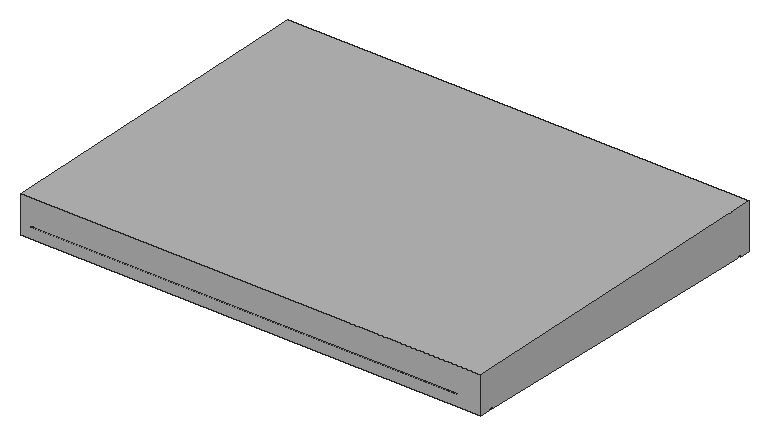
Revit family "WC278 Feather Edge", category Generic Models, Revit 2020
Family settings
  Can host rebar = No
  Round Connector Dimension = Use Diameter
  Part Type = Normal
  Work Plane-Based = No
  Always vertical = Yes
  Cut with Voids When Loaded = No
  Shared = No
  Room Calculation Point = No
Parameters
  Weight = "157Kg"
  Warranty Guarantor Parts = "n/a"
  Warranty Guarantor Labour = "n/a"
  Warranty Duration Unit = "n/a"
  Warranty Duration Parts = "n/a"
  Warranty Duration Labour = "n/a"
  Warranty Description = "n/a"
  Unit Width [instance] = 725 mm
  Unit Length [instance] = 1000 mm
  Unit Height [instance] = 100 mm
  URL = "www.killeshal.com"
  Types = "Single"
  Type Comments = "Visit our website for a full list of available products."
  Sustainability Performance = "n/a"
  Structural Class = "n/a"
  Span = "Unit Length"
  Slope = "0.00°"
  Size = "725mm x 100 to 80mm"
  Shape = "As per drawing"
  Service Life = "0.000000"
  Serial Number = "n/a"
  Resistance to Fire = "n/a"
  Replacement Cost = "n/a"
  Reference = "n/a"
  Notified Body = "n/a"
  Nominal Cover to Main Bar = "n/a"
  Model = "W/C 278 Wall Cap."
  Mechanical Resistance = "n/a"
  Manufacturer = "Killeshal Precast Concrete Ltd."
  Load Bearing = no
  Life Cycle Environmental Load = "n/a"
  Length Options = "Stock size 1000mm."
  Keynote = "The information contained is the sole property of KPC Ltd., any reproduction in part or whole without permission of KPC Ltd. is prohibited."
  Environmental Product Declaration = "n/a"
  Environmental Class = "n/a"
  Durability against Corrosion = "n/a"
  Dimension Accuracy Class = "n/a"
  Detailing = "As per design specification and product drawings."
  Description = "Feather Edge Wall Cap"
  Default Elevation = 0 mm
  Dangerous Substances = "n/a"
  Contact Tel = "0035357 9353018"
  Contact Email = "sales@killeshal.com"
  Construction Type = "Precast"
  Construction Tolerance Class = "n/a"
  Compressive Strength of Concrete = "n/a"
  Characteristics of Reinforcing Steel = "n/a"
  Characteristics Deflection Under Load = "n/a"
Reference planes
  plane 1 "Center (Front/Back)": y = 0
  plane 2: z = 0
  plane 3 "Center (Left/Right)": x = 0
  plane 4 "Rear": y = 362.5
  plane 5 "Front": y = -362.5
  plane 6 "Top": z = 100
  plane 7 "Center L/T": z = 80
Forms (mm)
  Extrusion 1, solid, material "Precast Concrete (KPC)"
    sketch origin (0, 0, 0) x (0, 1, 0) y (0, 0, 1)
      loop
        line (-362.5, 80) -> (-362.5, 0) -> (-342.5, 0)
        arc (-342.5, 0) -> (-337.5, 5) -> (-332.5, 0) r 5
        line (-332.5, 0) -> (332.5, 0)
        arc (332.5, 0) -> (337.5, 5) -> (342.5, 0) r 5
        line (342.5, 0) -> (362.5, 0) -> (362.5, 100) -> (-362.5, 80)
    from 0 to 1000
Dimensions and locks
  "Unit Length": Extrusion 1 to Extrusion 1
  "Unit Width": Extrusion 1 to Extrusion 1
  plane 7 "Center L/T" to Extrusion 1 = 80 mm
  "Unit Height": plane 6 "Top" to Extrusion 1
  aligned and locked: level to plane 2
Automatic sketch dimensions
  Extrusion 1 sketch curve to plane 5 "Front" = 0 mm
  Extrusion 1 sketch curve to level = 0 mm
  Extrusion 1 sketch curve to plane 4 "Rear" = 0 mm
  Extrusion 1 sketch curve to plane 7 "Center L/T" = 0 mm
  Extrusion 1 sketch curve to plane 6 "Top" = 0 mm
  plane 5 "Front" to Extrusion 1 sketch curve = 20 mm
  Extrusion 1 sketch curve to Extrusion 1 sketch curve = 5 mm  (x2)
  Extrusion 1 sketch curve to Extrusion 1 sketch curve = 30 mm
